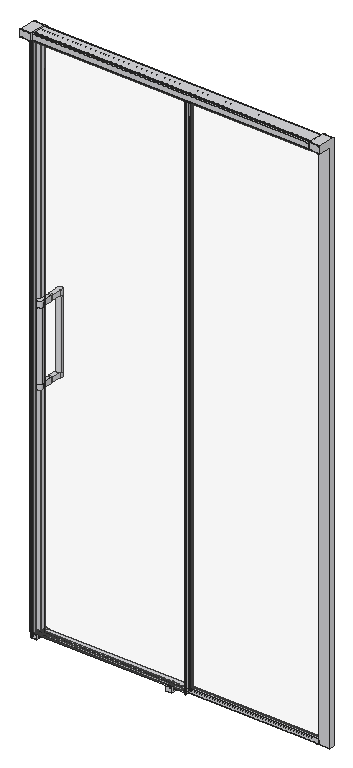
Revit family "Shower-Shower_Door-KOHLER-COMPOSED-1.1922.015_1", category Specialty Equipment, host Face, Revit 2017
Family settings
  Host = Face
  Round Connector Dimension = Use Diameter
  Part Type = Normal
  OmniClass Number = 23.31.17.17
  OmniClass Title = Shower Enclosures
  Cut with Voids When Loaded = No
  Shared = No
  Room Calculation Point = No
Parameters (values of type "Polished Chrome")
  Width [instance] = 43 5/16"
  WaterSense Certified = 1 = 0  # no
  URL = "https://www.kohler.co.uk/"
  Type = 1
  Product Page URL = ""
  Product Name = "COMPOSED"  # constant formula
  Product Documentation Link = ""
  Model = "1.1922.015"  # constant formula
  Material = "Premium Metal Construction"  # constant formula
  Master Format 2014 Name = "Shower Doors"  # constant formula
  Master Format 2014 = "10 28 19.16"  # constant formula
  Manufacturer Address = "Cromwell Road, Cheltenham, Gloucestershire. GL52 5EP Registered in England No. 252115"  # constant formula
  Manufacturer = "KOHLER Co."  # constant formula
  Length = 4.33071"  # constant formula
  Height = 78 105/128"  # constant formula
  Finish = Kohler-Metal-CP-Polished_Chrome
  Environmental Product Declaration = ""
  Description = "SLIDER 1100 MM"  # constant formula
  Default Elevation = 4"
  Declare Label = ""
  Date Modified = "10/12/2021"  # constant formula
  Date Created = "10/12/2021"  # constant formula
  Copyright = "Copyright KOHLER Co."  # constant formula
  Contact Us = "https://www.kohler.co.uk/support/contact/"
  Assembly Code = "C1030200"
  ADA Compliant = 1 = 0  # no
Reference planes (in)
  plane 1 "Center (Front/Back)": y = 0
  plane 2: z = 0
  plane 3 "Center (Left/Right)": x = 0
  plane 4: z = 78.74016
  plane 5: z = 77.79528
  plane 6: z = 33.77953
  plane 7: z = 45.11811
  plane 8: x = -21.65354
  plane 9: x = -18.22849
  plane 10: x = -20.07874
  plane 11: x = 21.65896
  plane 12: y = -2.35852
  plane 13: y = -1.25984
  plane 14: y = 1.25984
  plane 15: y = 1.97219
  plane 16: x = 1.65354
  plane 17: x = 20.08415
  plane 18: y = -0.35064
  plane 19: y = -0.03568
  plane 20: z = 78.82031
Dimensions and locks (in)
  plane 4 to plane 5 = 0.94488"
  plane 6 to level = 33.77953"
  plane 7 to plane 6 = 11.33858"
  "Width": plane 11 to plane 8
  plane 16 to plane 8 = 23.30709"
  plane 9 to plane 8 = 3.42506"
  plane 5 to level = 77.79528"
  plane 18 to plane 12 = 2.00787"
  plane 15 to plane 19 = 2.00787"
  locked: plane 17 to plane 11 at 1.5748
  plane 8 to plane 10 = 1.5748"
  "Length": plane 15 to plane 12
  plane 14 to plane 13 = 2.51969"
  "Height": plane 20 to level
  plane 4 to level = 78.74016"
  aligned and locked: plane 2 to host face
  aligned and locked: level to host face
  aligned and locked: plane 3 "Center (Left/Right)" to nested 1
Automatic sketch dimensions
  host sketch curve to host sketch curve = 96"  (x2)
Nested families (in)
  nested 1: "1.1922.015" at (0, 0, 0), type "1.1922.015"
    with Width 43 5/16"
Definition of nested family "1.1922.015"
  Parameters (values of type "1.1922.015")
    Width = 42.51969"
    Material = none
  Reference planes (in)
    plane 1 "Center (Front/Back)": y = 0
    plane 2: z = 0
    plane 3 "Center (Left/Right)": x = 0
    plane 4: y = 1.25984
    plane 5: y = -1.25984
    plane 6: x = -21.65354
    plane 7: x = 20.86614
    plane 8: x = 1.65354
    plane 9: x = -20.07874
    plane 10: y = 1.97219
    plane 11: y = -2.35852
    plane 12: y = -0.35064
    plane 13: y = -0.03568
    plane 14: x = -18.22849
    plane 15: z = 78.74016
    plane 16: z = 77.79528
    plane 17: z = 45.11811
    plane 18: z = 33.77953
    plane 19: x = 19.29134
    plane 20: z = 78.8189
  Forms (in)
    Extrusion 1, solid, material <- "Material", detail levels medium+fine
      sketch origin (0, 0, 0) x (0, 1, 0) y (0, 0, 1)
        loop
          arc (-1.22047, 78.8189) -> (-1.24831, 78.80737) -> (-1.25984, 78.77953) r 0.03937
          line (-1.25984, 78.77953) -> (-1.25984, 77.83465)
          arc (-1.25984, 77.83465) -> (-1.24831, 77.80681) -> (-1.22047, 77.79528) r 0.03937
          line (-1.22047, 77.79528) -> (0.53525, 77.79528) -> (0.53525, 0) -> (1.25984, 0) -> (1.25984, 78.77953)
          arc (1.25984, 78.77953) -> (1.24831, 78.80737) -> (1.22047, 78.8189) r 0.03937
          line (1.22047, 78.8189) -> (-1.22047, 78.8189)
      from 19.29134 to 20.86614
    Extrusion 2, solid, material <- "Material", detail levels medium+fine
      sketch origin (1.42856, 0, 0) x (0, 0, 1) y (0, -1, 0)
        loop
          arc (77.83465, 1.25984) -> (77.80681, 1.24831) -> (77.79528, 1.22047) r 0.03937
          line (77.79528, 1.22047) -> (77.79528, -1.22047)
          arc (77.79528, -1.22047) -> (77.80681, -1.24831) -> (77.83465, -1.25984) r 0.03937
          line (77.83465, -1.25984) -> (78.77953, -1.25984)
          arc (78.77953, -1.25984) -> (78.80737, -1.24831) -> (78.8189, -1.22047) r 0.03937
          line (78.8189, -1.22047) -> (78.8189, 1.22047)
          arc (78.8189, 1.22047) -> (78.80737, 1.24831) -> (78.77953, 1.25984) r 0.03937
          line (78.77953, 1.25984) -> (77.83465, 1.25984)
      from -23.0821 to -21.5073
    Extrusion 3, solid, material <- "Material", detail levels medium+fine
      sketch origin (0, 0, 0) x (1, 0, 0) y (0, 1, 0)
        loop
          arc (-21.61417, 0.63846) -> (-21.61974, 0.62428) -> (-21.63346, 0.61767) r 0.02085
          arc (-21.63346, 0.61767) -> (-21.64775, 0.61079) -> (-21.65354, 0.59602) r 0.02171
          line (-21.65354, 0.59602) -> (-21.65354, 0.56349)
          arc (-21.65354, 0.56349) -> (-21.64749, 0.54839) -> (-21.63269, 0.54164) r 0.02187
          arc (-21.63269, 0.54164) -> (-21.22991, 0.52763) -> (-20.82691, 0.52321) r 16.93887
          line (-20.82691, 0.52321) -> (-20.82691, -0.35909)
          arc (-20.82691, -0.35909) -> (-20.81342, -0.38898) -> (-20.78208, -0.39862) r 0.03984
          line (-20.78208, -0.39862) -> (-20.59034, -0.37439)
          arc (-20.59034, -0.37439) -> (-20.56645, -0.3436) -> (-20.59725, -0.31971) r 0.02756
          line (-20.59725, -0.31971) -> (-20.7606, -0.34035)
          arc (-20.7606, -0.34035) -> (-20.77944, -0.33455) -> (-20.78754, -0.3166) r 0.02394
          line (-20.78754, -0.3166) -> (-20.78754, -0.04168)
          arc (-20.78754, -0.04168) -> (-20.77949, -0.02392) -> (-20.76082, -0.01826) r 0.02362
          line (-20.76082, -0.01826) -> (-20.59826, -0.03979)
          arc (-20.59826, -0.03979) -> (-20.56732, -0.01609) -> (-20.59103, 0.01485) r 0.02756
          line (-20.59103, 0.01485) -> (-20.79542, 0.04191) -> (-20.79542, 0.52327)
          arc (-20.79542, 0.52327) -> (-20.43215, 0.52817) -> (-20.06907, 0.54087) r 16.93887
          arc (-20.06907, 0.54087) -> (-20.0424, 0.553) -> (-20.0315, 0.5802) r 0.03937
          line (-20.0315, 0.5802) -> (-20.0315, 1.2026)
          arc (-20.0315, 1.2026) -> (-20.0424, 1.22979) -> (-20.06907, 1.24193) r 0.03937
          arc (-20.06907, 1.24193) -> (-20.85089, 1.25959) -> (-21.63269, 1.24116) r 16.93887
          arc (-21.63269, 1.24116) -> (-21.64749, 1.23441) -> (-21.65354, 1.21931) r 0.02187
          line (-21.65354, 1.21931) -> (-21.65354, 1.18677)
          arc (-21.65354, 1.18677) -> (-21.64775, 1.17201) -> (-21.63346, 1.16513) r 0.02171
          arc (-21.63346, 1.16513) -> (-21.61974, 1.15852) -> (-21.61417, 1.14434) r 0.02085
          line (-21.61417, 1.14434) -> (-21.61417, 0.63846)
      from 0 to 77.79528
    Extrusion 4, solid, material <- "Material", detail levels medium+fine
      sketch origin (0, 0, 0) x (0, 1, 0) y (0, 0, 1)
        loop
          line (-0.55151, 0) -> (0.53525, 0) -> (0.53525, 0.57577)
          arc (0.53525, 0.57577) -> (0.52746, 0.59457) -> (0.50866, 0.60236) r 0.02659
          line (0.50866, 0.60236) -> (0.08257, 0.60236)
          arc (0.08257, 0.60236) -> (0.06571, 0.59538) -> (0.05873, 0.57852) r 0.02384
          line (0.05873, 0.57852) -> (0.05873, 0.54471)
          arc (0.05873, 0.54471) -> (0.0649, 0.5298) -> (0.07982, 0.52362) r 0.02109
          line (0.07982, 0.52362) -> (0.42064, 0.52362)
          arc (0.42064, 0.52362) -> (0.43616, 0.51719) -> (0.44259, 0.50168) r 0.02195
          line (0.44259, 0.50168) -> (0.44259, 0.137)
          arc (0.44259, 0.137) -> (0.43129, 0.10972) -> (0.40401, 0.09843) r 0.03858
          line (0.40401, 0.09843) -> (-0.4269, 0.09843)
          arc (-0.4269, 0.09843) -> (-0.44541, 0.10609) -> (-0.45308, 0.12461) r 0.02618
          line (-0.45308, 0.12461) -> (-0.45308, 0.58105)
          arc (-0.45308, 0.58105) -> (-0.45933, 0.59612) -> (-0.4744, 0.60236) r 0.02131
          line (-0.4744, 0.60236) -> (-0.52844, 0.60236)
          arc (-0.52844, 0.60236) -> (-0.54475, 0.59561) -> (-0.55151, 0.5793) r 0.02307
          line (-0.55151, 0.5793) -> (-0.55151, 0)
      from -20.55119 to -19.76379
    Extrusion 5, solid, material <- "Material", detail levels medium+fine
      sketch origin (0, 0, 0) x (0, 1, 0) y (0, 0, 1)
        loop
          line (1.16693, 0.02339) -> (1.16693, 0.58165)
          arc (1.16693, 0.58165) -> (1.16086, 0.5963) -> (1.14622, 0.60236) r 0.02071
          line (1.14622, 0.60236) -> (0.61574, 0.60236) -> (0.61574, 0.02343)
          arc (0.61574, 0.02343) -> (0.63937, -0.00019) -> (0.66299, 0.02343) r 0.02362
          line (0.66299, 0.02343) -> (0.66299, 0.05786)
          arc (0.66299, 0.05786) -> (0.6691, 0.07262) -> (0.68387, 0.07874) r 0.02088
          line (0.68387, 0.07874) -> (1.09896, 0.07874)
          arc (1.09896, 0.07874) -> (1.11361, 0.07267) -> (1.11968, 0.05802) r 0.02072
          line (1.11968, 0.05802) -> (1.11968, 0.02339)
          arc (1.11968, 0.02339) -> (1.1433, -0.00023) -> (1.16693, 0.02339) r 0.02362
      from -19.76379 to 19.29134
    Extrusion 6, solid, material <- "Material", detail levels medium+fine
      sketch origin (0, 0, 0) x (0, 1, 0) y (0, 0, 1)
        loop
          line (1.16693, 0.62377) -> (1.16693, 0.66823)
          arc (1.16693, 0.66823) -> (1.16112, 0.68202) -> (1.1472, 0.6875) r 0.01927
          line (1.1472, 0.6875) -> (0.41322, 0.67006) -> (0.09963, 0.66121)
          arc (0.09963, 0.66121) -> (0.08592, 0.64689) -> (0.10005, 0.63298) r 0.01411
          line (0.10005, 0.63298) -> (0.57051, 0.63386) -> (0.60201, 0.60236) -> (1.14551, 0.60236)
          arc (1.14551, 0.60236) -> (1.16065, 0.60863) -> (1.16693, 0.62377) r 0.02141
      from -20.07874 to 1.13761
    Extrusion 7, solid, material <- "Material", detail levels medium+fine
      sketch origin (0, 0, 0) x (0, 1, 0) y (0, 0, 1)
        loop
          line (-0.59786, 0) -> (0.61574, 0) -> (0.61574, 0.6752) -> (0.04143, 0.6752)
          arc (0.04143, 0.6752) -> (0.01359, 0.66367) -> (0.00206, 0.63583) r 0.03937
          line (0.00206, 0.63583) -> (0.00206, 0.1378)
          arc (0.00206, 0.1378) -> (-0.00947, 0.10996) -> (-0.03731, 0.09843) r 0.03937
          line (-0.03731, 0.09843) -> (-0.35227, 0.09843)
          arc (-0.35227, 0.09843) -> (-0.38011, 0.10996) -> (-0.39164, 0.1378) r 0.03937
          line (-0.39164, 0.1378) -> (-0.39164, 0.63583)
          arc (-0.39164, 0.63583) -> (-0.40317, 0.66367) -> (-0.43101, 0.6752) r 0.03937
          line (-0.43101, 0.6752) -> (-0.55849, 0.6752)
          arc (-0.55849, 0.6752) -> (-0.58633, 0.66367) -> (-0.59786, 0.63583) r 0.03937
          line (-0.59786, 0.63583) -> (-0.59786, 0)
      from -1.12015 to -0.25565
    Extrusion 8, solid, material <- "Material", detail levels medium+fine
      sketch origin (0, 0, 0) x (1, 0, 0) y (0, 1, 0)
        loop
          arc (1.61403, -0.34282) -> (1.60711, -0.35812) -> (1.59105, -0.363) r 0.02035
          line (1.59105, -0.363) -> (1.49633, -0.35064)
          arc (1.49633, -0.35064) -> (1.48505, -0.34036) -> (1.47063, -0.33538) r 0.03783
          line (1.47063, -0.33538) -> (1.4394, -0.3313)
          arc (1.4394, -0.3313) -> (1.4085, -0.35506) -> (1.43226, -0.38596) r 0.02756
          line (1.43226, -0.38596) -> (1.59262, -0.40688)
          arc (1.59262, -0.40688) -> (1.63784, -0.39312) -> (1.65734, -0.35006) r 0.0573
          line (1.65734, -0.35006) -> (1.65734, 0.18323)
          arc (1.65734, 0.18323) -> (1.63463, 0.32364) -> (1.56882, 0.44974) r 0.44544
          arc (1.56882, 0.44974) -> (1.52623, 0.4854) -> (1.47217, 0.49819) r 0.12061
          line (1.47217, 0.49819) -> (1.40118, 0.49819)
          arc (1.40118, 0.49819) -> (1.37756, 0.47457) -> (1.40118, 0.45094) r 0.02362
          line (1.40118, 0.45094) -> (1.47181, 0.45094)
          arc (1.47181, 0.45094) -> (1.50029, 0.44454) -> (1.52328, 0.42655) r 0.06648
          arc (1.52328, 0.42655) -> (1.58774, 0.3124) -> (1.61009, 0.18323) r 0.38438
          line (1.61009, 0.18323) -> (1.61009, 0.02575) -> (1.43102, 0.0058)
          arc (1.43102, 0.0058) -> (1.40663, -0.02501) -> (1.43766, -0.04911) r 0.02765
          line (1.43766, -0.04911) -> (1.46889, -0.04503)
          arc (1.46889, -0.04503) -> (1.48406, -0.03996) -> (1.4962, -0.02956) r 0.04168
          line (1.4962, -0.02956) -> (1.58983, -0.01734)
          arc (1.58983, -0.01734) -> (1.60674, -0.02248) -> (1.61403, -0.03858) r 0.02142
          line (1.61403, -0.03858) -> (1.61403, -0.34282)
        loop
          arc (1.18092, 1.13142) -> (1.18785, 1.14671) -> (1.20391, 1.1516) r 0.02035
          line (1.20391, 1.1516) -> (1.29863, 1.13924)
          arc (1.29863, 1.13924) -> (1.3099, 1.12896) -> (1.32432, 1.12398) r 0.03783
          line (1.32432, 1.12398) -> (1.35556, 1.1199)
          arc (1.35556, 1.1199) -> (1.38645, 1.14366) -> (1.36269, 1.17455) r 0.02756
          line (1.36269, 1.17455) -> (1.20233, 1.19548)
          arc (1.20233, 1.19548) -> (1.15711, 1.18172) -> (1.13761, 1.13866) r 0.0573
          line (1.13761, 1.13866) -> (1.13761, 0.60537)
          arc (1.13761, 0.60537) -> (1.16032, 0.46496) -> (1.22614, 0.33886) r 0.44544
          arc (1.22614, 0.33886) -> (1.26872, 0.3032) -> (1.32278, 0.29041) r 0.12061
          line (1.32278, 0.29041) -> (1.39377, 0.29041)
          arc (1.39377, 0.29041) -> (1.41739, 0.31403) -> (1.39377, 0.33765) r 0.02362
          line (1.39377, 0.33765) -> (1.32314, 0.33765)
          arc (1.32314, 0.33765) -> (1.29466, 0.34406) -> (1.27167, 0.36205) r 0.06648
          arc (1.27167, 0.36205) -> (1.20721, 0.4762) -> (1.18486, 0.60537) r 0.38438
          line (1.18486, 0.60537) -> (1.18486, 0.76285) -> (1.36393, 0.7828)
          arc (1.36393, 0.7828) -> (1.38832, 0.8136) -> (1.35729, 0.83771) r 0.02765
          line (1.35729, 0.83771) -> (1.32606, 0.83363)
          arc (1.32606, 0.83363) -> (1.31089, 0.82856) -> (1.29876, 0.81815) r 0.04168
          line (1.29876, 0.81815) -> (1.20512, 0.80593)
          arc (1.20512, 0.80593) -> (1.18821, 0.81108) -> (1.18092, 0.82718) r 0.02142
          line (1.18092, 0.82718) -> (1.18092, 1.13142)
      from 0.36643 to 77.79528
    Extrusion 9, solid, material <- "Material", detail levels medium+fine
      sketch origin (0, 0, 0) x (0, 1, 0) y (0, 0, 1)
        loop
          arc (-1.1649, 77.8382) -> (-1.15233, 77.80785) -> (-1.12198, 77.79528) r 0.04292
          line (-1.12198, 77.79528) -> (-0.48364, 77.79528)
          arc (-0.48364, 77.79528) -> (-0.45804, 77.82087) -> (-0.48364, 77.84647) r 0.0256
          line (-0.48364, 77.84647) -> (-1.08616, 77.84647) -> (-1.08616, 78.55868) -> (-0.74681, 78.55868) -> (-0.63621, 78.6693) -> (0.25573, 78.6693) -> (0.25573, 77.84646) -> (0.10897, 77.84646)
          arc (0.10897, 77.84646) -> (0.08338, 77.82087) -> (0.10897, 77.79528) r 0.02559
          line (0.10897, 77.79528) -> (1.13549, 77.79528)
          arc (1.13549, 77.79528) -> (1.16333, 77.80681) -> (1.17486, 77.83465) r 0.03937
          line (1.17486, 77.83465) -> (1.17486, 78.7008)
          arc (1.17486, 78.7008) -> (1.16333, 78.72864) -> (1.13549, 78.74017) r 0.03937
          line (1.13549, 78.74017) -> (-0.66557, 78.74017) -> (-0.77617, 78.62955) -> (-1.01238, 78.62955) -> (-1.11296, 78.73011)
          arc (-1.11296, 78.73011) -> (-1.14612, 78.73671) -> (-1.1649, 78.7086) r 0.03043
          line (-1.1649, 78.7086) -> (-1.1649, 77.8382)
      from -20.07874 to 19.29134
    Extrusion 10, solid
      sketch origin (0, 0, 0) x (1, 0, 0) y (0, 1, 0)
        loop
          line (-20.78754, -0.07505) -> (-20.78754, -0.31127) -> (-20.74817, -0.35064) -> (1.57466, -0.35064) -> (1.61403, -0.31127) -> (1.61403, -0.07505) -> (1.57466, -0.03568) -> (-20.74817, -0.03568) -> (-20.78754, -0.07505)
        loop
          line (19.88171, 0.80669) -> (19.88171, 1.04291) -> (19.84234, 1.08228) -> (1.22029, 1.08228) -> (1.18092, 1.04291) -> (1.18092, 0.80669) -> (1.22029, 0.76732) -> (19.84234, 0.76732) -> (19.88171, 0.80669)
      from 0.36643 to 78.24803
    Extrusion 11, solid, material <- "Material"
      sketch origin (0, 0, 0) x (1, 0, 0) y (0, 1, 0)
        loop
          line (-17.93321, -0.39001) -> (-18.04861, -0.39001) -> (-18.04861, 0.00369) -> (-17.93321, 0.00369) -> (-17.93321, 1.25102)
          arc (-17.93321, 1.25102) -> (-17.92474, 1.30814) -> (-17.90005, 1.36036) r 0.19685
          arc (-17.90005, 1.36036) -> (-18.22616, 1.97274) -> (-18.55622, 1.36248) r 0.3937
          arc (-18.55622, 1.36248) -> (-18.53205, 1.31071) -> (-18.52376, 1.25419) r 0.19685
          line (-18.52376, 1.25419) -> (-18.52376, 0.00369) -> (-18.40392, 0.00369) -> (-18.40392, -0.39001) -> (-18.52376, -0.39001) -> (-18.52376, -1.64052)
          arc (-18.52376, -1.64052) -> (-18.53205, -1.69704) -> (-18.55622, -1.7488) r 0.19685
          arc (-18.55622, -1.7488) -> (-18.22616, -2.35906) -> (-17.90005, -1.74668) r 0.3937
          arc (-17.90005, -1.74668) -> (-17.92474, -1.69447) -> (-17.93321, -1.63734) r 0.19685
          line (-17.93321, -1.63734) -> (-17.93321, -0.39001)
      from 44.40186 to 45.11811
    Extrusion 12, solid, material <- "Material"
      sketch origin (0, 0, 0) x (1, 0, 0) y (0, 1, 0)
        loop
          line (-17.93321, -0.39001) -> (-18.04861, -0.39001) -> (-18.04861, 0.00369) -> (-17.93321, 0.00369) -> (-17.93321, 1.25102)
          arc (-17.93321, 1.25102) -> (-17.92474, 1.30814) -> (-17.90005, 1.36036) r 0.19685
          arc (-17.90005, 1.36036) -> (-18.22616, 1.97274) -> (-18.55622, 1.36248) r 0.3937
          arc (-18.55622, 1.36248) -> (-18.53205, 1.31071) -> (-18.52376, 1.25419) r 0.19685
          line (-18.52376, 1.25419) -> (-18.52376, 0.00369) -> (-18.40392, 0.00369) -> (-18.40392, -0.39001) -> (-18.52376, -0.39001) -> (-18.52376, -1.64052)
          arc (-18.52376, -1.64052) -> (-18.53205, -1.69704) -> (-18.55622, -1.7488) r 0.19685
          arc (-18.55622, -1.7488) -> (-18.22616, -2.35906) -> (-17.90005, -1.74668) r 0.3937
          arc (-17.90005, -1.74668) -> (-17.92474, -1.69447) -> (-17.93321, -1.63734) r 0.19685
          line (-17.93321, -1.63734) -> (-17.93321, -0.39001)
      from 33.77953 to 34.4806
    Extrusion 13, solid, material <- "Material"
      sketch origin (0, 0, 0) x (1, 0, 0) y (0, 1, 0)
        loop
          circle (-18.22743, 1.57904) r 0.3937
        loop
          circle (-18.22743, -1.96536) r 0.3937
      from 34.4806 to 44.40186
    Extrusion 14, solid, material <- "Material", detail levels medium+fine
      sketch origin (0, -4.7515, 0) x (0, 1, 0) y (0, 0, 1)
        loop
          line (5.97103, 0.78803) -> (5.31384, 0.77242)
          arc (5.31384, 0.77242) -> (5.28661, 0.76057) -> (5.2754, 0.73306) r 0.03937
          line (5.2754, 0.73306) -> (5.2754, 0) -> (5.33234, 0) -> (5.33234, 0.68659) -> (5.91108, 0.70034) -> (5.91108, 0) -> (6.01134, 0) -> (6.01134, 0.74867)
          arc (6.01134, 0.74867) -> (5.99947, 0.77684) -> (5.97103, 0.78803) r 0.03937
      from -20.07874 to -19.76379
    Extrusion 15, solid, material <- "Material", detail levels coarse
      sketch origin (0, 0, 0) x (1, 0, 0) y (0, 1, 0)
        loop
          line (-21.65354, 1.25984) -> (-21.65354, -1.25984) -> (20.86614, -1.25984) -> (20.86614, 1.25984) -> (-21.65354, 1.25984)
      from 77.79528 to 78.8189
    Extrusion 16, solid, material <- "Material", detail levels coarse
      sketch origin (0, 0, 0) x (1, 0, 0) y (0, 1, 0)
        loop
          line (-21.65354, 1.25984) -> (-21.65354, -0.35466) -> (-20.07874, -0.35466) -> (-20.07874, 1.25984) -> (-21.65354, 1.25984)
        loop
          line (0.95861, 1.25984) -> (0.95861, -0.46872) -> (1.65354, -0.46872) -> (1.65354, 1.25984) -> (0.95861, 1.25984)
        loop
          line (20.86614, 1.25984) -> (19.29134, 1.25984) -> (19.29134, -0.35466) -> (20.86614, -0.35466) -> (20.86614, 1.25984)
      from 0 to 77.79528
    Extrusion 17, solid, material <- "Material", detail levels coarse
      sketch origin (1.42856, 0, 0) x (0, 0, 1) y (0, -1, 0)
        loop
          line (1.3377, -1.25984) -> (1.3377, 0.35466) -> (0, 0.35466) -> (0, -1.25984) -> (1.3377, -1.25984)
      from -23.0821 to 19.43759
  Cuts and joins
    joined: Extrusion 3, Extrusion 6, Extrusion 9
    joined: Extrusion 1, Extrusion 2
    joined: Extrusion 4, Extrusion 7, Extrusion 8
    joined: Extrusion 11, Extrusion 12, Extrusion 13
    joined: Extrusion 5, Extrusion 14
    joined: Extrusion 15, Extrusion 16, Extrusion 17
  Lines and regions (in)
    Masking region 1
      outline origin (0, 0, 0) x (1, 0, 0) y (0, 1, 0)
        loop
          line (-21.65354, 1.25984) -> (-21.65354, -1.25984) -> (-20.07874, -1.25984) -> (-20.07874, -1.1649) -> (-18.52376, -1.1649) -> (-18.52376, -1.64052)
          arc (-18.52376, -1.64052) -> (-18.53205, -1.69704) -> (-18.55622, -1.7488) r 0.19685
          arc (-18.55622, -1.7488) -> (-18.22616, -2.35906) -> (-17.90005, -1.74668) r 0.3937
          arc (-17.90005, -1.74668) -> (-17.92474, -1.69447) -> (-17.93321, -1.63734) r 0.19685
          line (-17.93321, -1.63734) -> (-17.93321, -1.1649) -> (19.29134, -1.1649) -> (19.29134, -1.25984) -> (20.86614, -1.25984) -> (20.86614, 1.25984) -> (19.29134, 1.25984) -> (19.29134, 1.17486) -> (-17.93321, 1.17486) -> (-17.93321, 1.25102)
          arc (-17.93321, 1.25102) -> (-17.92474, 1.30814) -> (-17.90005, 1.36036) r 0.19685
          arc (-17.90005, 1.36036) -> (-18.22616, 1.97274) -> (-18.55622, 1.36248) r 0.3937
          arc (-18.55622, 1.36248) -> (-18.53205, 1.31071) -> (-18.52376, 1.25419) r 0.19685
          line (-18.52376, 1.25419) -> (-18.52376, 1.17486) -> (-19.76379, 1.17486) -> (-19.76379, 1.25984) -> (-21.65354, 1.25984)
    Masking region 2
      outline origin (0, 0, 0) x (1, 0, 0) y (0, 0, 1)
        loop
          line (-21.65354, 78.8189) -> (-21.65354, 0) -> (20.86614, 0) -> (20.86614, 78.8189) -> (19.29134, 78.8189) -> (19.29134, 78.74016) -> (-20.07874, 78.74016) -> (-20.07874, 78.8189) -> (-21.65354, 78.8189)
    Masking region 3
      outline origin (1.42856, 0, 0) x (0, 0, 1) y (0, -1, 0)
        loop
          arc (77.83465, 1.25984) -> (77.80681, 1.24831) -> (77.79528, 1.22047) r 0.03937
          line (77.79528, 1.22047) -> (77.79528, 0.40688) -> (45.11811, 0.40688) -> (45.11811, 2.35852) -> (33.77953, 2.35852) -> (33.77953, 0.40688) -> (0.6752, 0.40688) -> (0.6752, 0.55849)
          arc (0.6752, 0.55849) -> (0.66367, 0.58633) -> (0.63583, 0.59786) r 0.03937
          line (0.63583, 0.59786) -> (0, 0.59786) -> (0, -1.25984) -> (33.77953, -1.25984) -> (33.77953, -1.97219) -> (45.11811, -1.97219) -> (45.11811, -1.25984) -> (78.77953, -1.25984)
          arc (78.77953, -1.25984) -> (78.80737, -1.24831) -> (78.8189, -1.22047) r 0.03937
          line (78.8189, -1.22047) -> (78.8189, 1.22047)
          arc (78.8189, 1.22047) -> (78.80737, 1.24831) -> (78.77953, 1.25984) r 0.03937
          line (78.77953, 1.25984) -> (77.83465, 1.25984)
        loop
          line (44.40186, 1.57111) -> (34.4806, 1.57111) -> (34.4806, 0.40688) -> (44.40186, 0.40688) -> (44.40186, 1.57111)
    symbolic lines, detail levels medium+fine
      curve 1: line (-20.07874, 1.25984, 0) -> (-20.07874, -1.25984, 0)
      curve 2: line (-19.76379, 1.17486, 0) -> (-20.07874, 1.17486, 0)
      curve 3: line (-17.93321, 1.17486, 0) -> (-18.52376, 1.17486, 0)
      curve 4: line (-18.52376, -1.1649, 0) -> (-17.93321, -1.1649, 0)
      curve 5: line (-20.07874, -0.66557, 0) -> (19.29134, -0.66557, 0)
      curve 6: line (-20.07874, -0.77617, 0) -> (19.29134, -0.77617, 0)
      curve 7: line (-20.07874, -1.01238, 0) -> (19.29134, -1.01238, 0)
      curve 8: line (19.29134, 1.17486, 0) -> (19.29134, -1.1649, 0)
      curve 9: circle (17.71616, 0.9058, 0) r 0.15748 normal (0, 0, 1)
      curve 10: circle (-12.02435, 0.41322, 0) r 0.23622 normal (0, 0, 1)
      curve 11: line (-20.82691, 0, 77.74804) -> (-20.82691, 0, 0.72504)
      curve 12: line (-20.56624, 0, 77.59843) -> (-20.56624, 0, 0)
      curve 13: line (-20.56624, 0, 77.59843) -> (-20.82691, 0, 77.59843)
      curve 14: line (-20.56624, 0, 0.72504) -> (-20.82691, 0, 0.72504)
      curve 15: line (-19.76379, 0, 0) -> (-19.76379, 0, 0.60236)
      curve 16: line (-20.55119, 0, 0.60236) -> (-20.55119, 0, 0)
      curve 17: line (1.65734, 0, 0.36643) -> (-0.25565, 0, 0.36643)
      curve 18: line (-20.78754, 0, 0.36643) -> (-20.78754, 0, 0.72504)
      curve 19: line (-20.55119, 0, 0.60236) -> (-19.76379, 0, 0.60236)
      curve 20: line (-20.55119, 0, 0.36643) -> (-20.78754, 0, 0.36643)
      curve 21: line (-1.12015, 0, 0.6752) -> (-1.12015, 0, 0)
      curve 22: line (-0.25565, 0, 0) -> (-0.25565, 0, 0.6752)
      curve 23: line (-1.12015, 0, 0.6752) -> (-0.25565, 0, 0.6752)
      curve 24: line (-1.12015, 0, 0.36643) -> (-19.76379, 0, 0.36643)
      curve 25: line (1.40118, 0, 0.36643) -> (1.40118, 0, 77.79528)
      curve 26: line (1.65734, 0, 0.36643) -> (1.65734, 0, 77.79528)
      curve 27: line (19.29134, 0, 0.60236) -> (1.65734, 0, 0.60236)
      curve 28: line (19.29134, 0, 78.74016) -> (19.29134, 0, 0)
      curve 29: line (-20.07874, 0, 77.79528) -> (19.29134, 0, 77.79528)
      curve 30: line (19.29134, 0, 77.70375) -> (20.86614, 0, 77.70375)
      curve 31: line (-21.65354, 0, 77.74804) -> (-20.07874, 0, 77.74804)
      curve 32: line (-20.07874, 0, 78.74016) -> (-20.07874, 0, 77.74804)
      curve 33: line (-18.62113, 0, 45.11811) -> (-17.83373, 0, 45.11811)
      curve 34: line (-18.62113, 0, 33.77953) -> (-18.62113, 0, 45.11811)
      curve 35: line (-17.83373, 0, 33.77953) -> (-18.62113, 0, 33.77953)
      curve 36: line (-17.83373, 0, 45.11811) -> (-17.83373, 0, 33.77953)
      curve 37: line (1.42856, 1.25984, 77.79528) -> (1.42856, -0.39893, 77.79528)
      curve 38: line (1.42856, 0.53525, 77.79528) -> (1.42856, 0.53525, 0)
      curve 39: line (1.42856, 1.16385, 0) -> (1.42856, 1.16385, 77.79528)
      curve 40: line (1.42856, 0.62487, 0) -> (1.42856, 0.62487, 77.79528)
      curve 41: line (1.42856, -1.74668, 44.4806) -> (1.42856, -1.74668, 45.11811)
      curve 42: line (1.42856, -1.66794, 44.40186) -> (1.42856, -1.57166, 44.40186)
      curve 43: line (1.42856, 1.36248, 44.47939) -> (1.42856, 1.36248, 45.11811)
      curve 44: line (1.42856, 1.28494, 44.40186) -> (1.42856, 1.25984, 44.40186)
      curve 45: line (1.42856, -0.40688, 44.40186) -> (1.42856, -0.40688, 45.11811)
      curve 46: line (1.42856, 1.25984, 45.11811) -> (1.42856, 1.25984, 33.77953)
      curve 47: arc (1.42856, -1.74668, 44.4806) -> (1.42856, -1.72362, 44.42492) -> (1.42856, -1.66794, 44.40186) r 0.07874
      curve 48: arc (1.42856, 1.36248, 44.47939) -> (1.42856, 1.33977, 44.42457) -> (1.42856, 1.28494, 44.40186) r 0.07753
      curve 49: line (1.42856, -1.74668, 34.41704) -> (1.42856, -1.74668, 33.77953)
      curve 50: line (1.42856, -1.66794, 34.49578) -> (1.42856, -1.57166, 34.49578)
      curve 51: line (1.42856, 1.36248, 34.38804) -> (1.42856, 1.36248, 33.77953)
      curve 52: line (1.42856, -0.40688, 34.49578) -> (1.42856, -0.40688, 33.77953)
      curve 53: arc (1.42856, -1.74668, 34.41704) -> (1.42856, -1.72362, 34.47272) -> (1.42856, -1.66794, 34.49578) r 0.07874
      curve 54: line (1.42856, 1.25984, 34.46678) -> (1.42856, 1.28374, 34.46678)
      curve 55: arc (1.42856, 1.28374, 34.46678) -> (1.42856, 1.33941, 34.44371) -> (1.42856, 1.36248, 34.38804) r 0.07874
      curve 56: line (1.42856, -0.40688, 0.6752) -> (1.42856, 0.53525, 0.6752)
      curve 57: line (1.42856, -0.55151, 0.5793) -> (1.42856, -0.55151, 0)
      curve 58: line (1.42856, -0.40688, 0.09843) -> (1.42856, -0.4269, 0.09843)
      curve 59: arc (1.42856, -0.4269, 0.09843) -> (1.42856, -0.44541, 0.10609) -> (1.42856, -0.45308, 0.12461) r 0.02618
      curve 60: line (1.42856, -0.45308, 0.12461) -> (1.42856, -0.45308, 0.58105)
      curve 61: line (1.42856, -0.4744, 0.60236) -> (1.42856, -0.52844, 0.60236)
      curve 62: arc (1.42856, -0.45308, 0.58105) -> (1.42856, -0.45933, 0.59612) -> (1.42856, -0.4744, 0.60236) r 0.02131
      curve 63: arc (1.42856, -0.52844, 0.60236) -> (1.42856, -0.54475, 0.59561) -> (1.42856, -0.55151, 0.5793) r 0.02307
      curve 64: line (1.42856, 0.08257, 0.60236) -> (1.42856, 0.50866, 0.60236)
      curve 65: arc (1.42856, 0.50866, 0.60236) -> (1.42856, 0.52746, 0.59457) -> (1.42856, 0.53525, 0.57577) r 0.02659
      curve 66: line (1.42856, -0.4269, 0.09843) -> (1.42856, 0.40401, 0.09843)
      curve 67: arc (1.42856, 0.40401, 0.09843) -> (1.42856, 0.43129, 0.10972) -> (1.42856, 0.44259, 0.137) r 0.03858
      curve 68: line (1.42856, 0.44259, 0.137) -> (1.42856, 0.44259, 0.50168)
      curve 69: arc (1.42856, 0.44259, 0.50168) -> (1.42856, 0.43616, 0.51719) -> (1.42856, 0.42064, 0.52362) r 0.02195
      curve 70: line (1.42856, 0.42064, 0.52362) -> (1.42856, 0.07982, 0.52362)
      curve 71: arc (1.42856, 0.07982, 0.52362) -> (1.42856, 0.0649, 0.5298) -> (1.42856, 0.05873, 0.54471) r 0.02109
      curve 72: line (1.42856, 0.05873, 0.54471) -> (1.42856, 0.05873, 0.57852)
      curve 73: arc (1.42856, 0.05873, 0.57852) -> (1.42856, 0.06571, 0.59538) -> (1.42856, 0.08257, 0.60236) r 0.02384
      curve 74: line (1.42856, 0.00206, 0.63583) -> (1.42856, 0.00206, 0.1378)
      curve 75: arc (1.42856, 0.04143, 0.6752) -> (1.42856, 0.01359, 0.66367) -> (1.42856, 0.00206, 0.63583) r 0.03937
      curve 76: line (1.42856, -0.39164, 0.1378) -> (1.42856, -0.39164, 0.63583)
      curve 77: arc (1.42856, -0.35227, 0.09843) -> (1.42856, -0.38011, 0.10996) -> (1.42856, -0.39164, 0.1378) r 0.03937
      curve 78: arc (1.42856, 0.00206, 0.1378) -> (1.42856, -0.00947, 0.10996) -> (1.42856, -0.03731, 0.09843) r 0.03937
      curve 79: arc (1.42856, -0.39164, 0.63583) -> (1.42856, -0.40317, 0.66367) -> (1.42856, -0.43101, 0.6752) r 0.03937
  Dimensions and locks (in)
    plane 5 to plane 4 = 2.51969"
    plane 6 to plane 7 = 42.51969"
    locked: plane 6 to plane 8 at 23.30709
    locked: plane 6 to plane 9 at 1.5748
    plane 11 to plane 12 = 2.00787"
    plane 10 to plane 13 = 2.00787"
    locked: plane 6 to plane 14 at 3.42506
    plane 15 to level = 78.74016"
    plane 16 to level = 77.79528"
    plane 18 to level = 33.77953"
    plane 17 to plane 18 = 11.33858"
    locked: plane 19 to plane 7 at 1.5748
    "Width": plane 7 to plane 6
    locked: plane 3 "Center (Left/Right)" to plane 6 at 21.65354
    locked: Extrusion 10 sketch curve to plane 7 at 0.98443
    aligned and locked: level to plane 2
    aligned and locked: Extrusion 1 to plane 7
    aligned and locked: plane 19 to Extrusion 1
    aligned and locked: Extrusion 2 to plane 6
    aligned and locked: plane 9 to Extrusion 2
    aligned and locked: plane 16 to Extrusion 3
    aligned and locked: plane 16 to Extrusion 8
    aligned and locked: Extrusion 9 to plane 9
    aligned and locked: Extrusion 9 to plane 19
    aligned and locked: Extrusion 5 to plane 19
    aligned and locked: plane 17 to Extrusion 11
    aligned and locked: Extrusion 12 to plane 18
    aligned and locked: Masking region 1 sketch curve to plane 4  (x2)
    aligned and locked: Masking region 1 sketch curve to plane 6
    aligned and locked: plane 5 to Masking region 1 sketch curve  (x2)
    aligned and locked: Masking region 1 sketch curve to plane 9
    aligned and locked: cut or joined group of Extrusion 5, Extrusion 14 to Masking region 1 sketch curve
    aligned and locked: cut or joined group of Extrusion 11, Extrusion 12, Extrusion 13 to Masking region 1 sketch curve  (x2)
    aligned and locked: Masking region 1 sketch curve to cut or joined group of Extrusion 11, Extrusion 12, Extrusion 13  (x6)
    aligned and locked: plane 7 to Masking region 1 sketch curve
    aligned and locked: plane 19 to Masking region 1 sketch curve  (x2)
    aligned and locked: curve 1 to plane 9
    aligned and locked: Masking region 1 to curve 2
    aligned and locked: Masking region 1 to curve 3
    aligned and locked: Masking region 1 to curve 4
    aligned and locked: curve 5 to cut or joined group of Extrusion 3, Extrusion 6, Extrusion 9
    aligned and locked: curve 6 to cut or joined group of Extrusion 3, Extrusion 6, Extrusion 9
    aligned and locked: curve 7 to cut or joined group of Extrusion 3, Extrusion 6, Extrusion 9
    aligned and locked: plane 19 to curve 8
    aligned and locked: Masking region 2 sketch curve to plane 6
    aligned and locked: Masking region 2 sketch curve to plane 15
    aligned and locked: plane 7 to Masking region 2 sketch curve
    aligned and locked: Masking region 2 sketch curve to level
    aligned and locked: cut or joined group of Extrusion 3, Extrusion 6, Extrusion 9 to curve 11
    aligned and locked: curve 15 to cut or joined group of Extrusion 4, Extrusion 7, Extrusion 8
    aligned and locked: curve 21 to cut or joined group of Extrusion 4, Extrusion 7, Extrusion 8
    aligned and locked: curve 22 to cut or joined group of Extrusion 4, Extrusion 7, Extrusion 8
    aligned and locked: curve 27 to cut or joined group of Extrusion 5, Extrusion 14
    aligned and locked: cut or joined group of Extrusion 1, Extrusion 2 to curve 28
    aligned and locked: curve 29 to plane 16
    aligned and locked: curve 32 to plane 9
    aligned and locked: curve 33 to cut or joined group of Extrusion 11, Extrusion 12, Extrusion 13
    aligned and locked: curve 35 to cut or joined group of Extrusion 11, Extrusion 12, Extrusion 13
    aligned and locked: curve 38 to cut or joined group of Extrusion 1, Extrusion 2
    aligned and locked: Extrusion 15 sketch curve to plane 6
    aligned and locked: plane 7 to Extrusion 15 sketch curve
    aligned and locked: Extrusion 15 to plane 16
    aligned and locked: plane 7 to Extrusion 16 sketch curve
    aligned and locked: plane 19 to Extrusion 16 sketch curve
    aligned and locked: plane 16 to Extrusion 16
    aligned and locked: Extrusion 17 to plane 6
    aligned and locked: Extrusion 17 to plane 7
    aligned and locked: plane 19 to Masking region 2 sketch curve
  Automatic sketch dimensions
    Extrusion 4 sketch curve to level = 0"
    plane 12 to Extrusion 4 sketch curve = 0.20087"
    Extrusion 4 sketch curve to Extrusion 4 sketch curve = 0.02307"
    Extrusion 4 sketch curve to Extrusion 4 sketch curve = 0.05405"
    Extrusion 4 sketch curve to Extrusion 4 sketch curve = 0.02131"
    Extrusion 4 sketch curve to Extrusion 4 sketch curve = 0.02618"
    Extrusion 4 sketch curve to plane 1 "Center (Front/Back)" = 0.05873"
    Extrusion 4 sketch curve to Extrusion 4 sketch curve = 0.02109"
    Extrusion 4 sketch curve to Extrusion 4 sketch curve = 0.02384"
    level to Extrusion 4 sketch curve = 0.09843"
    Extrusion 4 sketch curve to plane 1 "Center (Front/Back)" = 0.40401"
    Extrusion 4 sketch curve to Extrusion 4 sketch curve = 0.34082"
    Extrusion 4 sketch curve to Extrusion 4 sketch curve = 0.02195"
    Extrusion 4 sketch curve to Extrusion 4 sketch curve = 0.08802"
    Extrusion 4 sketch curve to Extrusion 4 sketch curve = 0.13124"
    Extrusion 4 sketch curve to Extrusion 4 sketch curve = 0.36468"
    Extrusion 4 sketch curve to Extrusion 4 sketch curve = 0.0741"
    Extrusion 4 sketch curve to Extrusion 4 sketch curve = 0.45469"
    Extrusion 5 sketch curve to plane 1 "Center (Front/Back)" = 0.61574"
    Extrusion 5 sketch curve to Extrusion 5 sketch curve = 0.02362"  (x2)
    Extrusion 5 sketch curve to Extrusion 5 sketch curve = 0.02088"
    level to Extrusion 5 sketch curve = 0.05802"
    Extrusion 5 sketch curve to plane 4 = 0.16088"
    Extrusion 5 sketch curve to Extrusion 5 sketch curve = 0.02072"
    Extrusion 5 sketch curve to Extrusion 5 sketch curve = 0.02071"
    level to Extrusion 5 sketch curve = 3/128"
    level to Extrusion 5 sketch curve = 0.02339"
    Extrusion 5 sketch curve to Extrusion 5 sketch curve = 0.50291"
    Extrusion 6 sketch curve to plane 1 "Center (Front/Back)" = 0.09963"
    Extrusion 6 sketch curve to Extrusion 6 sketch curve = 0.0004"
    Extrusion 6 sketch curve to Extrusion 6 sketch curve = 0.00003"
    Extrusion 6 sketch curve to Extrusion 6 sketch curve = 0.31358"
    Extrusion 6 sketch curve to Extrusion 6 sketch curve = 0.1573"
    Extrusion 6 sketch curve to Extrusion 6 sketch curve = 0.0315"  (x2)
    Extrusion 6 sketch curve to plane 4 = 0.11433"
    Extrusion 6 sketch curve to Extrusion 6 sketch curve = 0.00168"
    Extrusion 6 sketch curve to Extrusion 6 sketch curve = 0.00046"
    Extrusion 6 sketch curve to Extrusion 6 sketch curve = 0.01927"
    level to Extrusion 6 sketch curve = 0.60236"
    Extrusion 6 sketch curve to Extrusion 6 sketch curve = 0.03062"
    Extrusion 6 sketch curve to Extrusion 6 sketch curve = 0.01411"
    Extrusion 6 sketch curve to Extrusion 6 sketch curve = 0.04446"
    Extrusion 6 sketch curve to Extrusion 6 sketch curve = 0.0362"
    Extrusion 7 sketch curve to level = 0"
    plane 12 to Extrusion 7 sketch curve = 0.24722"
    Extrusion 7 sketch curve to Extrusion 7 sketch curve = 0.03937"
    plane 12 to Extrusion 7 sketch curve = 0.08037"
    plane 12 to Extrusion 7 sketch curve = 0.041"
    plane 12 to Extrusion 7 sketch curve = 0.00163"
    plane 13 to Extrusion 7 sketch curve = 0.00163"
    Extrusion 7 sketch curve to plane 1 "Center (Front/Back)" = 0.00206"
    Extrusion 7 sketch curve to plane 1 "Center (Front/Back)" = 0.04143"
    Extrusion 7 sketch curve to Extrusion 7 sketch curve = 0.57431"
    level to Extrusion 7 sketch curve = 0.09843"
    Extrusion 7 sketch curve to Extrusion 7 sketch curve = 0.49803"
    Extrusion 7 sketch curve to Extrusion 7 sketch curve = 0"
    plane 12 to Extrusion 8 sketch curve = 0"
    Extrusion 8 sketch curve to plane 8 = 0.51593"
    Extrusion 8 sketch curve to Extrusion 8 sketch curve = 0.04331"
    Extrusion 8 sketch curve to Extrusion 8 sketch curve = 0.00394"
    Extrusion 8 sketch curve to Extrusion 8 sketch curve = 0.014"
    Extrusion 8 sketch curve to Extrusion 8 sketch curve = 0.00635"  (x2)
    Extrusion 8 sketch curve to plane 4 = 0.06436"
    Extrusion 8 sketch curve to Extrusion 8 sketch curve = 0.00742"
    Extrusion 8 sketch curve to Extrusion 8 sketch curve = 0.02142"
    Extrusion 8 sketch curve to plane 4 = 0.10824"
    Extrusion 8 sketch curve to Extrusion 8 sketch curve = 0.00899"
    Extrusion 8 sketch curve to Extrusion 8 sketch curve = 0.00277"  (x2)
    Extrusion 8 sketch curve to plane 1 "Center (Front/Back)" = 0.18323"
    Extrusion 8 sketch curve to Extrusion 8 sketch curve = 0.02704"
    Extrusion 8 sketch curve to Extrusion 8 sketch curve = 0.01382"  (x2)
    Extrusion 8 sketch curve to plane 4 = 0.1206"
    Extrusion 8 sketch curve to Extrusion 8 sketch curve = 0.09472"
    Extrusion 8 sketch curve to Extrusion 8 sketch curve = 0.09364"
    Extrusion 8 sketch curve to Extrusion 8 sketch curve = 0.09706"
    Extrusion 8 sketch curve to Extrusion 8 sketch curve = 0.00036"  (x2)
    Extrusion 8 sketch curve to plane 4 = 0.13587"
    Extrusion 8 sketch curve to Extrusion 8 sketch curve = 0.0257"  (x2)
    Extrusion 8 sketch curve to Extrusion 8 sketch curve = 0.0273"
    Extrusion 8 sketch curve to Extrusion 8 sketch curve = 0.03059"
    Extrusion 8 sketch curve to Extrusion 8 sketch curve = 0.00539"
    Extrusion 8 sketch curve to plane 4 = 0.13994"
    Extrusion 8 sketch curve to Extrusion 8 sketch curve = 1/32"  (x4)
    Extrusion 8 sketch curve to Extrusion 8 sketch curve = 0.00357"  (x3)
    Extrusion 8 sketch curve to Extrusion 8 sketch curve = 0.00358"  (x2)
    Extrusion 8 sketch curve to plane 4 = 0.08529"
    Extrusion 8 sketch curve to Extrusion 8 sketch curve = 0.00306"  (x2)
    Extrusion 8 sketch curve to Extrusion 8 sketch curve = 0.07099"
    Extrusion 8 sketch curve to Extrusion 8 sketch curve = 0.07841"
    Extrusion 8 sketch curve to plane 1 "Center (Front/Back)" = 0.0058"
    Extrusion 8 sketch curve to plane 8 = 0.22252"
    plane 12 to Extrusion 8 sketch curve = 0.03531"
    Extrusion 8 sketch curve to plane 8 = 0.22128"
    plane 12 to Extrusion 8 sketch curve = 0.00799"
    plane 13 to Extrusion 8 sketch curve = 0.01343"
    Extrusion 8 sketch curve to plane 12 = 0.01934"
    plane 1 "Center (Front/Back)" to Extrusion 8 sketch curve = 0.0037"
    Extrusion 8 sketch curve to Extrusion 8 sketch curve = 0.03248"
    Extrusion 8 sketch curve to Extrusion 8 sketch curve = 0.0299"
    plane 13 to Extrusion 8 sketch curve = 0.00935"
    Extrusion 8 sketch curve to plane 12 = 0.01526"
    Extrusion 8 sketch curve to Extrusion 8 sketch curve = 0.07804"
    Extrusion 8 sketch curve to plane 13 = 0.00612"
    Extrusion 8 sketch curve to plane 8 = 0.08431"
    plane 1 "Center (Front/Back)" to Extrusion 8 sketch curve = 0.01734"
    Extrusion 8 sketch curve to plane 8 = 0.06371"
    plane 12 to Extrusion 8 sketch curve = 0.01236"
    Extrusion 8 sketch curve to plane 8 = 1/16"
    plane 13 to Extrusion 8 sketch curve = 0.0029"
    Extrusion 8 sketch curve to Extrusion 8 sketch curve = 0.00157"
    Extrusion 8 sketch curve to plane 12 = 1/128"
    Extrusion 8 sketch curve to plane 12 = 0.00058"
    Extrusion 8 sketch curve to plane 8 = 0.04345"
    plane 8 to Extrusion 8 sketch curve = 0.0038"
    Extrusion 8 sketch curve to plane 1 "Center (Front/Back)" = 0.02575"
    Extrusion 8 sketch curve to Extrusion 8 sketch curve = 0"  (x2)
    Extrusion 8 sketch curve to Extrusion 8 sketch curve = 0.10718"
    Extrusion 8 sketch curve to Extrusion 8 sketch curve = 0.02362"  (x2)
    Extrusion 8 sketch curve to Extrusion 8 sketch curve = 0.03992"  (x2)
    Extrusion 8 sketch curve to Extrusion 8 sketch curve = 0.00688"  (x2)
    Extrusion 8 sketch curve to Extrusion 8 sketch curve = 0.06648"
    Extrusion 8 sketch curve to Extrusion 8 sketch curve = 0.19435"
    Extrusion 8 sketch curve to Extrusion 8 sketch curve = 0.15748"
    Extrusion 8 sketch curve to Extrusion 8 sketch curve = 0.01995"
    Extrusion 8 sketch curve to Extrusion 8 sketch curve = 0.0095"
    Extrusion 8 sketch curve to Extrusion 8 sketch curve = 0.04308"
    Extrusion 8 sketch curve to Extrusion 8 sketch curve = 0.02748"
    Extrusion 8 sketch curve to Extrusion 8 sketch curve = 0.02585"
    Extrusion 11 sketch curve to plane 4 = 0.00565"
    Extrusion 11 sketch curve to plane 14 = 0.49213"  (x2)
    Extrusion 11 sketch curve to plane 1 "Center (Front/Back)" = 0.00369"  (x2)
    Extrusion 11 sketch curve to plane 14 = 0.29528"  (x2)
    plane 12 to Extrusion 11 sketch curve = 0.03937"  (x2)
    Extrusion 11 sketch curve to Extrusion 11 sketch curve = 0.11984"
    plane 14 to Extrusion 11 sketch curve = 0.00105"  (x2)
    plane 14 to Extrusion 11 sketch curve = 0.17988"
    Extrusion 11 sketch curve to Extrusion 11 sketch curve = 0.1154"
    plane 14 to Extrusion 11 sketch curve = 0.29528"
    Extrusion 11 sketch curve to plane 4 = 0.00883"
    Extrusion 11 sketch curve to Extrusion 11 sketch curve = 0.19685"  (x2)
    plane 5 to Extrusion 11 sketch curve = 0.3775"
    plane 5 to Extrusion 11 sketch curve = 0.38067"
    Extrusion 11 sketch curve to plane 11 = 0.39315"
    plane 4 to Extrusion 11 sketch curve = 0.3192"
    Extrusion 11 sketch curve to Extrusion 11 sketch curve = 0"  (x4)
    Extrusion 12 sketch curve to plane 1 "Center (Front/Back)" = 1.25419"
    Extrusion 12 sketch curve to plane 14 = 0.49213"  (x2)
    Extrusion 12 sketch curve to plane 14 = 0.29528"  (x2)
    Extrusion 12 sketch curve to Extrusion 12 sketch curve = 0.11984"
    plane 14 to Extrusion 12 sketch curve = 0.00105"  (x2)
    plane 14 to Extrusion 12 sketch curve = 0.17988"
    Extrusion 12 sketch curve to Extrusion 12 sketch curve = 0.1154"
    plane 14 to Extrusion 12 sketch curve = 0.29528"
    Extrusion 12 sketch curve to Extrusion 12 sketch curve = 0.19685"  (x2)
    Extrusion 12 sketch curve to plane 1 "Center (Front/Back)" = 1.25102"
    Extrusion 12 sketch curve to plane 5 = 1.26353"  (x2)
    Extrusion 12 sketch curve to plane 5 = 0.86983"  (x2)
    Extrusion 12 sketch curve to plane 11 = 0.72118"
    Extrusion 12 sketch curve to plane 11 = 0.718"
    Extrusion 12 sketch curve to Extrusion 12 sketch curve = 0.32484"  (x2)
    Extrusion 12 sketch curve to Extrusion 12 sketch curve = 0"  (x4)
    Extrusion 14 sketch curve to level = 0"  (x2)
    Extrusion 14 sketch curve to plane 10 = 1.44828"
    Extrusion 14 sketch curve to Extrusion 14 sketch curve = 0.05694"
    level to Extrusion 14 sketch curve = 0.77242"
    Extrusion 14 sketch curve to Extrusion 14 sketch curve = 0.0185"
    Extrusion 14 sketch curve to Extrusion 14 sketch curve = 0.01757"
    Extrusion 14 sketch curve to Extrusion 14 sketch curve = 0.57874"
    level to Extrusion 14 sketch curve = 0.70034"
    Extrusion 14 sketch curve to Extrusion 14 sketch curve = 0.59631"
    level to Extrusion 14 sketch curve = 0.78803"
    Extrusion 14 sketch curve to Extrusion 14 sketch curve = 0.05995"
    Extrusion 14 sketch curve to Extrusion 14 sketch curve = 0.00093"
    Extrusion 14 sketch curve to Extrusion 14 sketch curve = 0.10026"
    Extrusion 14 sketch curve to Extrusion 14 sketch curve = 0.04647"
    curve 2 to plane 9 = 0"
    plane 5 to curve 1 = 0"
    curve 1 to plane 4 = 0"
    curve 10 to plane 1 "Center (Front/Back)" = 0.41322"
    plane 14 to curve 10 = 6.20413"
    curve 9 to plane 4 = 0.35404"
    plane 19 to curve 9 = 1.57518"
    plane 9 to curve 2 = 0.31495"
    curve 4 to plane 14 = 0.29528"
    curve 3 to plane 14 = 0.29528"
    plane 14 to curve 3 = 0.29528"
    plane 14 to curve 4 = 0.29528"
    curve 8 to plane 5 = 0.09494"
    curve 8 to plane 4 = 0.08498"
    curve 31 to plane 6 = 0"
    curve 12 to level = 0"
    curve 16 to level = 0"
    curve 29 to plane 9 = 0"
    plane 7 to curve 30 = 0"
    curve 15 to level = 0"
    curve 22 to level = 0"
    curve 28 to level = 0"
    curve 21 to level = 0"
    curve 28 to plane 15 = 0"
    curve 32 to plane 15 = 0"
    curve 11 to curve 18 = 0.03937"
    curve 13 to curve 12 = 0.26068"
    curve 14 to curve 19 = 0.01505"
    curve 34 to plane 14 = 0.39265"
    plane 14 to curve 35 = 0.39476"
    plane 8 to curve 17 = 0.0038"
    curve 26 to curve 27 = 0.23594"
    level to curve 20 = 0.36643"
    curve 20 to curve 19 = 0.23594"
    curve 21 to curve 21 = 0.6752"
    curve 16 to curve 11 = 0.12268"
    curve 13 to plane 16 = 0.19685"
    curve 32 to plane 16 = 0.04723"
    curve 16 to curve 20 = 0"
    curve 21 to curve 24 = 0"
    curve 25 to plane 8 = 0.25236"
    curve 24 to curve 15 = 0.23594"
    curve 30 to plane 16 = 0.09152"
    Extrusion 1 sketch curve to plane 5 = 0"
    Extrusion 1 sketch curve to plane 16 = 0"
    plane 15 to Extrusion 1 sketch curve = 0.07874"
    Extrusion 1 sketch curve to level = 0"
    Extrusion 1 sketch curve to plane 4 = 0"
    Extrusion 1 sketch curve to plane 5 = 0.03937"  (x2)
    Extrusion 1 sketch curve to plane 1 "Center (Front/Back)" = 0.53525"
    Extrusion 1 sketch curve to plane 4 = 0.03937"
    Extrusion 2 sketch curve to plane 16 = 0"
    Extrusion 2 sketch curve to plane 5 = 0"
    Extrusion 2 sketch curve to plane 4 = 0"
    plane 15 to Extrusion 2 sketch curve = 0.07874"
    Extrusion 2 sketch curve to Extrusion 2 sketch curve = 0.03937"
    Extrusion 2 sketch curve to plane 4 = 0.03937"  (x2)
    plane 15 to Extrusion 2 sketch curve = 0.03937"
    Extrusion 3 sketch curve to Extrusion 3 sketch curve = 0"  (x3)
    Extrusion 3 sketch curve to plane 6 = 0"  (x2)
    plane 6 to Extrusion 3 sketch curve = 0.01852"  (x2)
    plane 6 to Extrusion 3 sketch curve = 0.02171"  (x2)
    plane 6 to Extrusion 3 sketch curve = 0.02187"  (x2)
    Extrusion 3 sketch curve to Extrusion 3 sketch curve = 0.02085"
    Extrusion 3 sketch curve to plane 9 = 0.76378"  (x2)
    plane 12 to Extrusion 3 sketch curve = 0.00845"
    Extrusion 3 sketch curve to plane 9 = 0.74817"
    Extrusion 3 sketch curve to plane 1 "Center (Front/Back)" = 0.04191"
    Extrusion 3 sketch curve to Extrusion 3 sketch curve = 0.0315"
    plane 13 to Extrusion 3 sketch curve = 0.006"
    Extrusion 3 sketch curve to Extrusion 3 sketch curve = 0.00787"
    Extrusion 3 sketch curve to Extrusion 3 sketch curve = 0.03984"
    plane 12 to Extrusion 3 sketch curve = 0.04797"
    Extrusion 3 sketch curve to Extrusion 3 sketch curve = 0.02362"
    Extrusion 3 sketch curve to Extrusion 3 sketch curve = 0.02394"
    Extrusion 3 sketch curve to plane 13 = 0.01742"
    Extrusion 3 sketch curve to plane 12 = 0.01029"
    Extrusion 3 sketch curve to Extrusion 3 sketch curve = 0.003"
    plane 13 to Extrusion 3 sketch curve = 0.00411"
    Extrusion 3 sketch curve to Extrusion 3 sketch curve = 0.16256"
    Extrusion 3 sketch curve to plane 12 = 0.03093"
    Extrusion 3 sketch curve to Extrusion 3 sketch curve = 0.16336"
    plane 1 "Center (Front/Back)" to Extrusion 3 sketch curve = 0.01247"
    Extrusion 3 sketch curve to Extrusion 3 sketch curve = 0.00362"
    Extrusion 3 sketch curve to plane 12 = 0.00359"
    Extrusion 3 sketch curve to Extrusion 3 sketch curve = 0.00345"
    Extrusion 3 sketch curve to plane 1 "Center (Front/Back)" = 0.01485"
    plane 12 to Extrusion 3 sketch curve = 0.02375"
    plane 9 to Extrusion 3 sketch curve = 0.00787"  (x2)
    Extrusion 3 sketch curve to Extrusion 3 sketch curve = 0.03937"
    plane 11 to Extrusion 3 sketch curve = 13.32076"
    Extrusion 3 sketch curve to Extrusion 3 sketch curve = 0.4813"
    Extrusion 3 sketch curve to Extrusion 3 sketch curve = 0.00006"
    Extrusion 3 sketch curve to plane 1 "Center (Front/Back)" = 0.56349"
    Extrusion 3 sketch curve to plane 1 "Center (Front/Back)" = 0.5802"
    Extrusion 3 sketch curve to Extrusion 3 sketch curve = 0.03254"  (x2)
    Extrusion 3 sketch curve to Extrusion 3 sketch curve = 0.04243"  (x2)
    Extrusion 3 sketch curve to plane 4 = 0.11551"
    Extrusion 3 sketch curve to plane 4 = 0.05724"
    plane 10 to Extrusion 3 sketch curve = 15.48988"
    Extrusion 9 sketch curve to plane 16 = 0"  (x2)
    Extrusion 9 sketch curve to plane 15 = 0.03156"
    Extrusion 9 sketch curve to plane 5 = 0.09494"
    Extrusion 9 sketch curve to Extrusion 9 sketch curve = 0.03043"
    Extrusion 9 sketch curve to Extrusion 9 sketch curve = 0.04292"
    Extrusion 9 sketch curve to plane 15 = 0.01004"
    Extrusion 9 sketch curve to Extrusion 9 sketch curve = 0.04831"
    Extrusion 9 sketch curve to Extrusion 9 sketch curve = 0.07378"
    Extrusion 9 sketch curve to plane 15 = 0.11061"
    Extrusion 9 sketch curve to Extrusion 9 sketch curve = 0.23621"
    Extrusion 9 sketch curve to plane 15 = 0.18147"
    Extrusion 9 sketch curve to Extrusion 9 sketch curve = 0.02936"  (x2)
    plane 15 to Extrusion 9 sketch curve = 0"
    Extrusion 9 sketch curve to Extrusion 9 sketch curve = 0.1106"
    Extrusion 9 sketch curve to plane 15 = 0.07086"
    plane 16 to Extrusion 9 sketch curve = 0.0256"
    plane 12 to Extrusion 9 sketch curve = 0.13299"
    plane 16 to Extrusion 9 sketch curve = 0.05118"
    Extrusion 9 sketch curve to plane 1 "Center (Front/Back)" = 0.10897"
    Extrusion 9 sketch curve to Extrusion 9 sketch curve = 0.14676"
    plane 16 to Extrusion 9 sketch curve = 0.03937"
    Extrusion 9 sketch curve to plane 4 = 0.12435"
    Extrusion 9 sketch curve to plane 15 = 0.03936"
    plane 13 to Extrusion 10 sketch curve = 0"
    plane 12 to Extrusion 10 sketch curve = 0"
    Extrusion 10 sketch curve to Extrusion 10 sketch curve = 0.03937"  (x9)
    Extrusion 10 sketch curve to plane 8 = 0.03951"
    Extrusion 10 sketch curve to plane 8 = 0.43325"
    Extrusion 10 sketch curve to Extrusion 10 sketch curve = 0"  (x2)
    Extrusion 10 sketch curve to plane 9 = 0.66943"
    plane 13 to Extrusion 10 sketch curve = 0.03937"  (x2)
    Extrusion 10 sketch curve to plane 12 = 0.03937"  (x2)
    Extrusion 10 sketch curve to plane 4 = 0.49252"
    Extrusion 10 sketch curve to plane 4 = 0.21693"  (x2)
    Masking region 1 sketch curve to plane 5 = 0.09494"
    Masking region 1 sketch curve to Masking region 1 sketch curve = 0.09494"
    Masking region 1 sketch curve to Masking region 1 sketch curve = 0.08498"  (x2)
    Masking region 3 sketch curve to level = 0"
    Masking region 3 sketch curve to plane 10 = 0"
    Masking region 3 sketch curve to plane 18 = 0"  (x2)
    Masking region 3 sketch curve to plane 11 = 0"
    Masking region 3 sketch curve to plane 17 = 0"  (x2)
    Masking region 3 sketch curve to plane 16 = 0"
    Masking region 3 sketch curve to plane 5 = 0"
    Masking region 3 sketch curve to plane 4 = 0"  (x2)
    plane 15 to Masking region 3 sketch curve = 0.07874"
    plane 12 to Masking region 3 sketch curve = 0.20785"
    level to Masking region 3 sketch curve = 0.63583"
    Masking region 3 sketch curve to Masking region 3 sketch curve = 0.03937"  (x2)
    plane 12 to Masking region 3 sketch curve = 0.05624"  (x3)
    Masking region 3 sketch curve to Masking region 3 sketch curve = 0.70107"
    Masking region 3 sketch curve to plane 17 = 0.71625"
    Masking region 3 sketch curve to plane 5 = 0.03937"
    Masking region 3 sketch curve to plane 4 = 0.03937"
    plane 5 to Masking region 3 sketch curve = 0.31127"
    curve 40 to level = 0"
    curve 38 to level = 0"
    curve 39 to level = 0"
    curve 46 to plane 4 = 0"
    curve 46 to plane 18 = 0"
    curve 52 to plane 18 = 0"
    curve 51 to plane 18 = 0"
    curve 49 to plane 18 = 0"
    curve 54 to plane 4 = 0"
    curve 45 to plane 17 = 0"
    curve 41 to plane 17 = 0"
    curve 46 to plane 17 = 0"
    curve 43 to plane 17 = 0"
    curve 40 to plane 16 = 0"
    level to curve 58 = 0.09843"
    curve 59 to curve 60 = 0.02618"
    plane 12 to curve 63 = 0.1778"
    curve 59 to curve 63 = 0.45469"
    curve 63 to curve 62 = 0.00175"
    curve 62 to curve 61 = 0.02131"
    plane 4 to curve 55 = 0.02389"
    plane 18 to curve 55 = 0.60851"
    plane 18 to curve 49 = 0.63751"
    curve 55 to curve 54 = 0.07874"
    curve 53 to curve 50 = 0.07874"
    curve 42 to plane 17 = 0.71625"
    plane 4 to curve 44 = 0.0251"
    curve 44 to plane 17 = 0.71625"
    curve 44 to curve 48 = 0.07753"
    curve 42 to curve 41 = 0.07874"
    curve 37 to plane 4 = 0"
    plane 12 to curve 59 = 0.07626"
    plane 5 to curve 42 = 0.4081"
    plane 5 to curve 50 = 0.4081"
    plane 12 to curve 52 = 0.05624"
    plane 18 to curve 52 = 0.71625"
    plane 12 to curve 45 = 0.05624"
    curve 45 to curve 45 = 0.71625"
    curve 40 to curve 38 = 0.08962"
    plane 12 to curve 37 = 0.04829"
    curve 50 to curve 50 = 0.09628"
    curve 42 to curve 42 = 0.09628"
    curve 39 to plane 16 = 0"
    curve 39 to plane 4 = 0.096"
    Extrusion 15 sketch curve to plane 4 = 0"
    Extrusion 15 sketch curve to plane 5 = 0"
    Extrusion 16 sketch curve to plane 5 = 0.90519"  (x2)
    Extrusion 16 sketch curve to plane 6 = 0"
    Extrusion 16 sketch curve to plane 9 = 0"
    Extrusion 16 sketch curve to plane 4 = 0"  (x3)
    Extrusion 16 sketch curve to plane 8 = 0"
    Extrusion 16 sketch curve to Extrusion 16 sketch curve = 0.69493"
    plane 12 to Extrusion 16 sketch curve = 0.11807"
    Extrusion 17 sketch curve to level = 0"
    Extrusion 17 sketch curve to plane 4 = 0"
    level to Extrusion 17 sketch curve = 1.3377"
    plane 12 to Extrusion 17 sketch curve = 0.00402"
    curve 62 to curve 56 = 0.07283"
    plane 12 to curve 56 = 0.05624"
    curve 58 to curve 58 = 0.02002"
    curve 67 to curve 68 = 0.03858"
    curve 69 to curve 56 = 0.17352"
    curve 69 to curve 70 = 0.02195"
    curve 71 to curve 71 = 0.02109"
    curve 71 to curve 73 = 0.03381"
    curve 73 to curve 64 = 0.02384"
    curve 65 to curve 68 = 0.06607"
    curve 64 to plane 1 "Center (Front/Back)" = 0.08257"
    curve 57 to level = 0"
    curve 65 to curve 64 = 0.02659"
    curve 75 to curve 75 = 0.03937"
    curve 75 to plane 1 "Center (Front/Back)" = 0.04143"
    level to curve 74 = 0.1378"
    curve 59 to curve 76 = 0.01319"
    plane 12 to curve 77 = 0.00163"
    curve 76 to curve 56 = 0.03937"
    curve 76 to curve 79 = 0.03937"
    Masking region 2 sketch curve to plane 9 = 0"
    Masking region 2 sketch curve to plane 20 = 0"  (x2)
    radius of curve 9 = 0.15748"
    radius of curve 10 = 0.23622"
